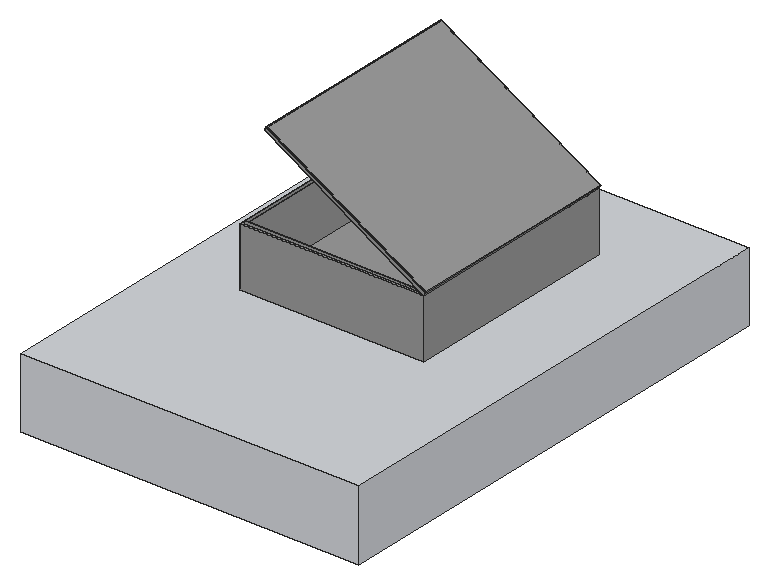
Revit family "Hager-Univers-IP55-D275-H950-Cl.II-Steel_encl-CH-fr", category Equipement électrique, Revit 2020
Family settings
  Hôte = Face
  Configuration du panneau = Deux colonnes, circuits au sein
  Cote de connecteur circulaire = Utiliser le diamètre
  Type d'élément = Tableau de raccordement
  Couper avec des vides une fois chargée = Non
  Partagée = Non
  Point de calcul de pièce = Non
Parameters (values of type "saillie IP55 L800 H950 P275  - FR63S")
  Width Control [instance] = if([EF000008 - largeur] > Min Width, [EF000008 - largeur], Min Width)  # 800 mm
  Commentaires du type = [HG000003 - Gamme]  # "Univers"
  Thickness Door [instance] = if([EF009171 - épaisseur de matériau de la porte/du couvercle] > 3 mm, 3 mm, [EF009171 - épaisseur de matériau de la porte/du couvercle])  # 1.5 mm
  Seal Frame Offset [instance] = 17 mm  # constant formula
  Plinth Visibility [instance] = [HG000027 - Hauteur du socle] > 0 mm  # no
  Model = ""
  Min Width [instance] = 100 mm  # constant formula
  Min Height [instance] = 100 mm  # constant formula
  Min Depth [instance] = (2 * [EF009170 - épaisseur de matériau du boîtier]) + 1 mm  # 4 mm
  Internal Frame Depth [instance] = (Door System Depth * 0.5)  # 9 mm
  Height Control [instance] = if([EF000040 - hauteur] > Min Height, [EF000040 - hauteur], Min Height)  # 950 mm
  HG000027 - Hauteur du socle = 0 mm
  HG000026 - Installation au sol = no
  HG000024 - Hauteur de la section basse = 800 mm
  HG000023 - Armoire double section = no
  HG000016 - Visibilité de la porte 3D [instance] = yes
  HG000015 - Visibilité de l'emprise de la porte [instance] = no
  HG000014 - Porte à droite [instance] = yes
  HG000013 - Porte à gauche [instance] = not([HG000014 - Porte à droite])  # no
  HG000012 - Angle de pivotement de la porte [instance] = 30.00°
  HG000010 - Portes asymétriques = no
  HG000009 - Porte à double battant = no
  HG000006 - Encastré = no
  HG000004 - Référence fabricant = "FR63S"
  HG000003 - Gamme = "Univers"
  HG000002 - avec porte = yes
  Frame Offset Bottom [instance] = 10 mm  # constant formula
  Frame Offset [instance] = 15 mm  # constant formula
  EF015940 - couvercle avec décharge de pression = no
  EF011959 - degré de protection (NEMA) = ""
  EF009554 - nombre d'ouvertures pour plaques à bride = 6
  Fabricant = "Hager"  # constant formula
  EF009212 - finition du couvercle = "EV000116 - fermé"
  EF009171 - épaisseur de matériau de la porte/du couvercle = 1.5 mm
  EF009170 - épaisseur de matériau du boîtier = 1.5 mm
  EF008873 - courant nominal (In) = 800 A
  EF007800 - adapté à un parafoudre = no
  EF006306 - avec serrure = no
  EF006244 - couvercle/porte transparent(e) = no
  EF005474 - indice de protection (IP) = "EV006420 - IP55"
  EF004464 - type de porte = "EV002646 - unique"
  EF004427 - nombre de modules = 216
  EF004293 - indice de protection contre les chocs (IK) = "EV008784 - IK10"
  EF003532 - convient pour utilisation à l’extérieur = no
  EF002950 - largeur en nombre de modules = 24
  EF001613 - maintien de fonction = "EV000494 - sans"
  EF001596 - matériau du boîtier/corps = "EV000179 - acier"
  EF001131 - profondeur intérieure = 275 mm
  EF001088 - possibilité de montage en saillie = yes
  EF000437 - nombre d'entrées de conduit = 6
  EF000339 - type de capot = "EV004216 - porte"
  EF000266 - nombre de rangées = 6
  EF000218 - profondeur d'encastrement = 0 mm
  EF000118 - avec cadre/support de montage = no
  EF000116 - numéro RAL = "7035"
  EF000049 - profondeur = 275 mm
  EF000040 - hauteur = 950 mm
  EF000008 - largeur = 800 mm
  EF000007 - couleur = "EV000270 - gris"
  EF000003 - mode de pose = "EV000384 - saillie"
  Door System Leaf Tolerance [instance] = 1.5 mm  # constant formula
  Door System Depth [instance] = 18 mm  # constant formula
  Door Height [instance] = Height Control - [HG000027 - Hauteur du socle]  # 950 mm
  Depth Control [instance] = if([EF000049 - profondeur] > Min Depth, [EF000049 - profondeur], Min Depth)  # 275 mm
  Default Elevation = 0 mm
  Connector Offset [instance] = Height Control / 2  # 475 mm
  Bottom Top Plate Trim [instance] = 1.5 mm  # constant formula
  Plinth height Ctrl [instance] = if([HG000027 - Hauteur du socle] > 0 mm, [HG000027 - Hauteur du socle], 12 mm)  # 12 mm
Types (5, lengths in mm): name | Width Control | HG000010 - Portes asymétriques | HG000009 - Porte à double battant | HG000004 - Référence fabricant | EF009554 - nombre d'ouvertures pour plaques à bride | EF004464 - type de porte | EF004427 - nombre de modules | EF000437 - nombre d'entrées de conduit | EF000008 - largeur
  saillie IP55 L1050 H950 P275  - FR64S | 1050 | no | yes | "FR64S" | 8 | "EV003602 - double" | 288 | 8 | 1050
  saillie IP55 L1300 H950 P275  - FR65S | 1300 | yes | yes | "FR65S" | 10 | "EV003602 - double" | 360 | 10 | 1300
  saillie IP55 L300 H950 P275  - FR61S | 300 | no | no | "FR61S" | 2 | "EV002646 - unique" | 72 | 2 | 300
  saillie IP55 L550 H950 P275  - FR62S | 550 | no | no | "FR62S" | 4 | "EV002646 - unique" | 144 | 4 | 550
  saillie IP55 L800 H950 P275  - FR63S | 800 | no | no | "FR63S" | 6 | "EV002646 - unique" | 216 | 6 | 800
Reference planes
  plane 1 "Center (Front/Back)": y = 0
  plane 2: z = 0
  plane 3 "Center (Left/Right)": x = 0
  plane 4: z = 275
  plane 5: y = 1.5
  plane 6: y = 475
  plane 7: y = 0
  plane 8: y = 950
  plane 9: z = 0
  plane 10: x = -385
  plane 11: x = 385
  plane 12: x = 383.5
  plane 13: x = -383.5
  plane 14: y = 948.5
  plane 15: x = -383
  plane 16: x = -400
  plane 17: x = 383
  plane 18: x = 400
  plane 19: x = 398.5
  plane 20: x = -398.5
  plane 21: y = 11.5
  plane 22: y = 950
  plane 23: y = 933.5
  plane 24: z = 257
  plane 25: z = 1.5
  plane 26: z = 255.5
  plane 27: z = 273.5
Forms (mm)
  Extrusion 1, solid
    sketch origin (0, 0, 0) x (1, 0, 0) y (0, 1, 0)
      loop
        line (-702.964, 1305) -> (-702.964, -811.445) -> (766.763, -811.445) -> (766.763, 1305) -> (-702.964, 1305)
    from 0 to -304.8
  Extrusion 2, solid, material "Hager_Steel_RAL7035_Light_Grey", visible <- "Plinth Visibility", detail levels medium+fine
    sketch origin (0, 0, 0) x (1, 0, 0) y (0, 1, 0)
      loop
        line (-400, 0) -> (400, 0) -> (400, 12) -> (-400, 12) -> (-400, 0)
    from 0 to 257
  Extrusion 3, solid, material "Hager_Steel_RAL7035_Light_Grey", detail levels medium+fine
    sketch origin (0, 0, 0) x (1, 0, 0) y (0, 1, 0)
      loop
        line (-400, 0) -> (400, 0) -> (400, 950) -> (-400, 950) -> (-400, 0)
    from 0 to 257
  Extrusion 4, void
    sketch origin (0, 0, 0) x (1, 0, 0) y (0, 1, 0)
      loop
        line (-398.5, 1.5) -> (398.5, 1.5) -> (398.5, 948.5) -> (-398.5, 948.5) -> (-398.5, 1.5)
    from 1.5 to 255.5
  Extrusion 5, void
    sketch origin (-381.607, -4572, 257) x (0, -1, 0) y (-1, 0, 0)
      loop
        line (-4583.5, 1.893) -> (-5505.5, 1.893) -> (-5505.5, -765.107) -> (-4583.5, -765.107) -> (-4583.5, 1.893)
    from 0 to 1.5 <- "EF009170 - épaisseur de matériau du boîtier"
  Extrusion 6, solid, material "Hager_Steel_RAL7035_Light_Grey", detail levels fine
    sketch origin (0, 0, 257) x (1, 0, 0) y (0, 1, 0)
      loop
        line (-383.5, 933.5) -> (-383.5, 11.5) -> (383.5, 11.5) -> (383.5, 933.5) -> (-383.5, 933.5)
      loop
        line (-385, 10) -> (385, 10) -> (385, 935) -> (-385, 935) -> (-385, 10)
    from 0 to 9 <- "Internal Frame Depth"
  Extrusion 7, solid, material "Hager_Steel_RAL7035_Light_Grey", detail levels coarse
    sketch origin (0, 0, 0) x (1, 0, 0) y (0, 1, 0)
      loop
        line (-400, 0) -> (400, 0) -> (400, 950) -> (-400, 950) -> (-400, 0)
    from 0 to 275
  Sweep 8, void
    path in 3D
      loop
        line (-400, 12, 0) -> (400, 12, 0) -> (400, 12, 257) -> (-400, 12, 257) -> (-400, 12, 0)
    profile origin (-400, 12, 128.5) x (-1, 0, 0) y (0, -1, 0)
      loop
        line (0, 0) -> (0, 1.5) -> (-1.5, 1.5)
        arc (-1.5, 1.5) -> (-1.061, 0.439) -> (0, 0) r 1.5
Cuts and joins
  Extrusion 4, Extrusion 5 cuts Extrusion 3
  Sweep 8 cuts Extrusion 2
Lines and regions (mm)
  Masking region 1
    outline origin (0, 0, 0) x (1, 0, 0) y (0, 0, 1)
      loop
        line (-400, 275) -> (-400, 0) -> (400, 0) -> (400, 275) -> (-400, 275)
  Masking region 2, detail levels medium+fine
    outline origin (0, 140, 0) x (0, 1, 0) y (0, 0, 1)
      loop
        line (-140, 0) -> (810, 0) -> (810, 257) -> (-140, 257) -> (-140, 0)
  Masking region 3, not visible, detail levels medium+fine
    outline origin (0, 297.922, 0) x (0, 1, 0) y (0, 0, 1)
      loop
        line (188.578, 0) -> (228.578, 0) -> (228.578, 263.5)
        arc (228.578, 263.5) -> (225.649, 270.571) -> (218.578, 273.5) r 10
        line (218.578, 273.5) -> (188.578, 273.5) -> (188.578, 0)
  Masking region 4, detail levels coarse
    outline origin (0, 0, 180) x (0, 1, 0) y (0, 0, 1)
      loop
        line (0, -180) -> (950, -180) -> (950, 95) -> (0, 95) -> (0, -180)
  Masking region 5, visible <- "Plinth Visibility", detail levels medium+fine
    outline origin (0, 52.24, 12.345) x (0, 0, -1) y (0, 1, 0)
      loop
        line (10.845, -40.24) -> (-243.155, -40.24)
        arc (-243.155, -40.24) -> (-243.594, -41.301) -> (-244.655, -41.74) r 1.5
        line (-244.655, -41.74) -> (-244.655, -52.24) -> (12.345, -52.24) -> (12.345, -41.74)
        arc (12.345, -41.74) -> (11.285, -41.301) -> (10.845, -40.24) r 1.5
  Masking region 6, detail levels medium+fine
    outline origin (-381.607, -4572, 257) x (-1, 0, 0) y (0, -1, 0)
      loop
        line (18.393, -5522) -> (18.393, -4572) -> (-781.607, -4572) -> (-781.607, -5522) -> (18.393, -5522)
  Masking region 7, visible <- "Plinth Visibility", detail levels medium+fine
    outline origin (-381.607, -4727, 257) x (-1, 0, 0) y (0, -1, 0)
      loop
        arc (16.893, -4739) -> (17.332, -4737.939) -> (18.393, -4737.5) r 1.5
        line (18.393, -4737.5) -> (18.393, -4727) -> (-781.607, -4727) -> (-781.607, -4737.5)
        arc (-781.607, -4737.5) -> (-780.546, -4737.939) -> (-780.107, -4739) r 1.5
        line (-780.107, -4739) -> (16.893, -4739)
  Masking region 8, detail levels coarse
    outline origin (-442.548, -4669.526, 257) x (-1, 0, 0) y (0, -1, 0)
      loop
        line (-42.548, -5619.526) -> (-42.548, -4669.526) -> (-842.548, -4669.526) -> (-842.548, -5619.526) -> (-42.548, -5619.526)
  sketch lines
    curve 1: line (-400, 12, 257) -> (-400, 12, 0)
    curve 2: line (400, 12, 257) -> (-400, 12, 257)
    curve 3: line (400, 12, 257) -> (400, 12, 0)
    curve 4: line (-400, 12, 0) -> (400, 12, 0)
Dimensions and locks
  "Depth Control": plane 4 to Extrusion 1
  "HG000027 - Hauteur du socle": plane 1 "Center (Front/Back)" to plane 7
  "EF009170 - épaisseur de matériau du boîtier": plane 5 to plane 7
  locked: connector elem to plane 3 "Center (Left/Right)"
  equal spacing: plane 8, plane 6, plane 7
  locked: connector elem to plane 6
  "EF009170 - épaisseur de matériau du boîtier": plane 8 to plane 14
  "EF009170 - épaisseur de matériau du boîtier": plane 10 to plane 13
  "EF009170 - épaisseur de matériau du boîtier": plane 12 to plane 11
  "Frame Offset": plane 20 to plane 13
  "Frame Offset": plane 12 to plane 19
  "EF009170 - épaisseur de matériau du boîtier": plane 16 to plane 20
  "EF009170 - épaisseur de matériau du boîtier": plane 19 to plane 18
  "Seal Frame Offset": plane 16 to plane 15
  "Seal Frame Offset": plane 17 to plane 18
  "Frame Offset Bottom": plane 21 to plane 5
  "Frame Offset": plane 14 to plane 23
  equal spacing: plane 16, plane 3 "Center (Left/Right)", plane 18
  "Width Control": plane 16 to plane 18
  "EF009170 - épaisseur de matériau du boîtier": plane 4 to plane 27
  "EF009170 - épaisseur de matériau du boîtier": plane 24 to plane 26
  "EF009170 - épaisseur de matériau du boîtier": plane 25 to level
  "Door System Depth": plane 4 to plane 24
  "Height Control": plane 1 "Center (Front/Back)" to Extrusion 7 sketch curve
  "Height Control": Masking region 4 sketch curve to plane 1 "Center (Front/Back)"
  "Height Control": plane 1 "Center (Front/Back)" to plane 22
  "Bottom Top Plate Trim": profile plane to Sweep 8 sketch curve
  "Bottom Top Plate Trim": Sweep 8 sketch curve to profile plane
  "Plinth height Ctrl": plane 1 "Center (Front/Back)" to Extrusion 2 sketch curve
  "Plinth height Ctrl": Masking region 5 sketch curve to plane 1 "Center (Front/Back)"
  "Plinth height Ctrl": plane 1 "Center (Front/Back)" to Masking region 7 sketch curve
  "Thickness Door": Extrusion 6 sketch curve to Extrusion 6 sketch curve  (x3)
  "Thickness Door": cut or joined group of Extrusion 3, Extrusion 4, Extrusion 5 to Extrusion 6 sketch curve
  radius of Masking region 3 sketch curve = 10 mm
  "Bottom Top Plate Trim": radius of Masking region 5 sketch curve  (x2)
  "Bottom Top Plate Trim": radius of Sweep 8 sketch curve
  "Bottom Top Plate Trim": radius of Masking region 7 sketch curve  (x2)
  aligned and locked: plane 2 to Extrusion 1
  aligned and locked: level to Extrusion 1
  aligned and locked: level to Masking region 1 sketch curve
  aligned and locked: Masking region 1 sketch curve to plane 18
  aligned and locked: Masking region 1 sketch curve to plane 16
  aligned and locked: plane 7 to Masking region 2 sketch curve
  aligned and locked: level to Masking region 3 sketch curve
  aligned and locked: Masking region 3 sketch curve to plane 27
  aligned and locked: level to Masking region 2 sketch curve
  aligned and locked: plane 1 "Center (Front/Back)" to Extrusion 2 sketch curve
  aligned and locked: Extrusion 3 sketch curve to plane 7
  aligned and locked: plane 16 to Extrusion 3 sketch curve
  aligned and locked: plane 18 to Extrusion 3 sketch curve
  aligned and locked: plane 20 to Extrusion 4 sketch curve
  aligned and locked: plane 19 to Extrusion 4 sketch curve
  aligned and locked: Extrusion 4 sketch curve to plane 5
  aligned and locked: Extrusion 4 to plane 25
  aligned and locked: plane 26 to Extrusion 4
  aligned and locked: plane 24 to Extrusion 3
  aligned and locked: Extrusion 5 sketch curve to plane 21
  aligned and locked: Extrusion 5 sketch curve to plane 13
  aligned and locked: Extrusion 5 sketch curve to plane 12
  aligned and locked: plane 18 to Extrusion 7 sketch curve
  aligned and locked: plane 1 "Center (Front/Back)" to Extrusion 7 sketch curve
  aligned and locked: plane 16 to Extrusion 7 sketch curve
  aligned and locked: plane 4 to Extrusion 7
  aligned and locked: Extrusion 7 to level
  aligned and locked: level to Masking region 4 sketch curve
  aligned and locked: Masking region 4 sketch curve to plane 1 "Center (Front/Back)"
  aligned and locked: Masking region 4 sketch curve to plane 4
  aligned and locked: nested 1 to level
  aligned and locked: nested 1 to plane 16
  aligned and locked: plane 8 to Extrusion 3 sketch curve
  aligned and locked: plane 23 to Extrusion 5 sketch curve
  aligned and locked: plane 14 to Extrusion 4 sketch curve
  aligned and locked: Masking region 2 sketch curve to plane 8
  aligned and locked: level to Masking region 5 sketch curve
  aligned and locked: plane 16 to Extrusion 2 sketch curve
  aligned and locked: plane 18 to Extrusion 2 sketch curve
  aligned and locked: Masking region 5 sketch curve to plane 24
  aligned and locked: Masking region 2 sketch curve to plane 24
  aligned and locked: plane 24 to Extrusion 2
  aligned and locked: profile plane to Sweep 8 sketch curve  (x2)
  aligned and locked: Masking region 6 sketch curve to plane 18
  aligned and locked: Masking region 6 sketch curve to plane 22
  aligned and locked: Masking region 6 sketch curve to plane 16
  aligned and locked: plane 8 to plane 22
  aligned and locked: Masking region 6 sketch curve to plane 7
  aligned and locked: Masking region 7 sketch curve to plane 16
  aligned and locked: Masking region 7 sketch curve to plane 1 "Center (Front/Back)"
  aligned and locked: Masking region 7 sketch curve to plane 18
  aligned and locked: Masking region 8 sketch curve to plane 1 "Center (Front/Back)"
  aligned and locked: Masking region 8 sketch curve to plane 18
  aligned and locked: Masking region 8 sketch curve to plane 22
  aligned and locked: Masking region 8 sketch curve to plane 16
  aligned and locked: nested 2 to plane 7
  aligned and locked: plane 3 "Center (Left/Right)" to nested 2
  aligned and locked: nested 2 to plane 24
  aligned and locked: Extrusion 6 sketch curve to cut or joined group of Extrusion 3, Extrusion 4, Extrusion 5  (x4)
Automatic sketch dimensions
  Extrusion 1 sketch curve to Extrusion 1 sketch curve = 1469.727 mm
  Extrusion 1 sketch curve to Extrusion 1 sketch curve = 2116.445 mm
  Masking region 1 sketch curve to plane 4 = 0 mm
  plane 6 to Masking region 3 sketch curve = 11.5 mm
  Masking region 3 sketch curve to Masking region 3 sketch curve = 30 mm
  Masking region 5 sketch curve to plane 1 "Center (Front/Back)" = 0 mm
Nested families
  nested 1: "Hager_Enclosure_Symbol" at (-400, 0, 0) x (1, 0, 0) z (0, -1, 0), Height <- "Depth Control", Width <- "Width Control", type "Hager_Enclosure_Symbol"
    with Width_Ctrl 800 mm, Width 800 mm, Height_Ctrl 275 mm, Height 275 mm, A_Width_Int 18.047 mm, A_Width 216.562 mm, A_Height_Ctrl 240.625 mm, A_Height 240.625 mm
  nested 2: "EC000058_Univers_Door" at (0, 0, 257) x (1, 0, 0) z (0, 1, 0), Leaf_Tolerance <- "Door System Leaf Tolerance", Angle <- "HG000012 - Angle de pivotement de la porte", Door_Depth <- "Door System Depth", Door_Left <- "HG000013 - Porte à gauche", Transparent <- "EF006244 - couvercle/porte transparent(e)", Assymetrical <- "HG000010 - Portes asymétriques", Width <- "Width Control", Clearance <- "HG000015 - Visibilité de l'emprise de la porte", Double <- "HG000009 - Porte à double battant", 3d_Door <- "HG000016 - Visibilité de la porte 3D", Lock_Visibility <- "EF006306 - avec serrure", Width_Ctrl <- "Width Control", Door_Right <- "HG000014 - Porte à droite", Door <- "HG000002 - avec porte", Height <- "Door Height", Thickness <- "Thickness Door", type "EC000058_Univers_Door", detail levels medium+fine
    with min_wh 4 mm, Width_Ctrl 800 mm, Width 800 mm, Transparent no, Thickness 1.5 mm, Seal_Material Hager_Rubber, Lock_Visibility no, Lock_Material Hager_Plastic_RAL9005_Jet_Black, Leaf_Width 800 mm, Leaf_Tolerance_External_Sides 0 mm, Leaf_Tolerance 1.5 mm, Leaf_Offset 0 mm, Leaf_Height 947 mm, Leaf_2_Width 800 mm, Leaf_2_Offset 400 mm, Leaf_1_Width 800 mm, Leaf_1_Offset 400 mm, Height_Ctrl 950 mm, Height 950 mm, Glass_Material Hager_Glass, Double_Clearance_Ctrl no, Double no, Door_Right_Ctrl yes, Door_Right yes, Door_Material Hager_Steel_RAL7035_Light_Grey, Door_Left_Ctrl no, Door_Left no, Door_Depth 18 mm, Door yes, Clearance_Material Hager_Clearance, Clearance_Depth 800 mm, Clearance_Ctrl no, Clearance no, Assymetrical no, Angle 30.00°, 3d_Door yes
Connectors
  electrical at (0, 475, 0)
    settings: on plane 9, index 1, voltage 0 V, apparent load 0 VA, apparent load phase1 0 VA, apparent load phase2 0 VA, apparent load phase3 0 VA, power factor 1, load classification "Other", number of poles 1, system type 30, power factor state 1, is connector primary yes, connector utility no, sub classification motor no, connector description ""
Definition of nested family "EC000058_Univers_Door"
  Parameters (values of type "EC000058_Univers_Door")
    min_wh [instance] = (2 * Thickness) + 1 mm  # 11 mm
    Width_Ctrl [instance] = 400 mm
    Width [instance] = 500 mm
    Transparent [instance] = yes
    Thickness [instance] = 5 mm
    Seal_Material [instance] = none
    Lock_Visibility [instance] = yes
    Lock_Material [instance] = none
    Leaf_Width [instance] = if((Width_Ctrl - 2 * Leaf_Tolerance_External_Sides) > 0 mm, (Width_Ctrl - 2 * Leaf_Tolerance_External_Sides), min_wh)  # 400 mm
    Leaf_Tolerance_External_Sides [instance] = 0 mm  # constant formula
    Leaf_Tolerance [instance] = 1.5 mm
    Leaf_Offset [instance] = 0 mm  # constant formula
    Leaf_Height [instance] = if((Height_Ctrl - 2 * Leaf_Tolerance) > 0 mm, (Height_Ctrl - 2 * Leaf_Tolerance), min_wh)  # 497 mm
    Leaf_2_Width [instance] = if(and(and(Double, Assymetrical), Door_Left), (Leaf_Width / 3) - (Leaf_Tolerance / 2), if(and(and(Double, Assymetrical), Door_Right), (Leaf_Width / 3) * 2 - (Leaf_Tolerance / 2), if(and(Double, not(Assymetrical)), (Leaf_Width / 2) - Leaf_Tolerance, Leaf_Width)))  # 400 mm
    Leaf_2_Offset [instance] = if(and(Double, Assymetrical), Leaf_2_Width / 2, if(and(Double, not(Assymetrical)), Leaf_Width / 4, Leaf_Width / 2))  # 200 mm
    Leaf_1_Width [instance] = if(and(and(Double, Assymetrical), Door_Right), (Leaf_Width / 3) - (Leaf_Tolerance / 2), if(and(and(Double, Assymetrical), Door_Left), (Width / 3) * 2 - (Leaf_Tolerance / 2), if(and(Double, not(Assymetrical)), (Leaf_Width / 2) - Leaf_Tolerance, Leaf_Width)))  # 400 mm
    Leaf_1_Offset [instance] = if(and(Double, Assymetrical), Leaf_1_Width / 2, if(and(Double, not(Assymetrical)), Leaf_Width / 4, Leaf_Width / 2))  # 200 mm
    Height_Ctrl [instance] = if(Height > min_wh, Height, min_wh)  # 500 mm
    Height [instance] = 500 mm
    Glass_Material [instance] = none
    Double_Clearance_Ctrl [instance] = and(Double, Clearance)  # no
    Double [instance] = no
    Door_Right_Ctrl [instance] = and(or(Door_Right, Double), Door)  # yes
    Door_Right [instance] = yes
    Door_Material [instance] = none
    Door_Left_Ctrl [instance] = and(or(Door_Left, Double), Door)  # no
    Door_Left [instance] = no
    Door_Depth [instance] = 30 mm
    Door [instance] = yes
    Default Elevation = 1219.2 mm
    Clearance_Material [instance] = none
    Clearance_Depth [instance] = if(Leaf_1_Width > Leaf_2_Width, Leaf_1_Width, Leaf_2_Width)  # 400 mm
    Clearance_Ctrl [instance] = and(not(Double), Clearance)  # yes
    Clearance [instance] = yes
    Assymetrical [instance] = yes
    Angle [instance] = 30.00°
    3d_Door [instance] = yes
  Reference planes
    plane 1 "Center (Front/Back)": y = 0
    plane 2 "Bottom": z = 0
    plane 3 "Center (Left/Right)": x = 0
    plane 4: z = 500
    plane 5: x = -200
    plane 6: x = 200
    plane 7: z = 500
    plane 8: x = -200
    plane 9: z = 0
    plane 10: x = 200
    plane 11: y = 0
    plane 12: z = 1.5
    plane 13: x = -600
    plane 14: y = -400
    plane 15: x = 600
    plane 16: x = 0
    plane 17: x = 0
    plane 18: x = -200
    plane 19: x = 200
    plane 20: z = 498.5
  Forms (mm)
    Extrusion 1, solid, material <- "Clearance_Material", visible <- "Double_Clearance_Ctrl"
      sketch origin (1200, 0, 0) x (1, 0, 0) y (0, 0, -1)
        loop
          line (-1800, -498.5) -> (-600, -498.5) -> (-600, 0) -> (-1800, 0) -> (-1800, -498.5)
      from 0 to -400
  Dimensions and locks
    equal spacing: plane 5, plane 3 "Center (Left/Right)", plane 6
    "Width_Ctrl": plane 5 to plane 6
    "Leaf_Offset": plane 5 to plane 8
    "Leaf_Offset": plane 6 to plane 10
    "Leaf_Offset": plane 9 to level
    "Leaf_Offset": plane 4 to plane 7
    "Height_Ctrl": plane 4 to level
    "Leaf_Tolerance": plane 12 to plane 9
    locked: plane 11 to plane 1 "Center (Front/Back)"
    "Leaf_1_Offset": plane 18 to plane 16
    "Leaf_2_Offset": plane 17 to plane 19
    "Leaf_1_Width": plane 13 to plane 8
    "Leaf_2_Width": plane 10 to plane 15
    "Clearance_Depth": plane 14 to plane 1 "Center (Front/Back)"
    "Leaf_Tolerance_External_Sides": plane 8 to plane 18
    "Leaf_Tolerance_External_Sides": plane 19 to plane 10
    "Leaf_Tolerance": plane 7 to plane 20
    aligned and locked: level to plane 2 "Bottom"
    aligned and locked: nested 1 to plane 16
    aligned and locked: nested 2 to plane 17
    aligned and locked: Extrusion 1 to plane 13
    aligned and locked: plane 15 to Extrusion 1
    aligned and locked: Extrusion 1 to plane 14
    aligned and locked: plane 12 to nested 1
    aligned and locked: nested 2 to plane 12
    aligned and locked: Extrusion 1 to plane 11
    aligned and locked: plane 20 to Extrusion 1
    aligned and locked: nested 2 to plane 11
    aligned and locked: nested 1 to plane 11
  Automatic sketch dimensions
    Extrusion 1 sketch curve to level = 0 mm
    plane 5 to Extrusion 1 sketch curve = 400 mm
    plane 6 to Extrusion 1 sketch curve = 400 mm
    Extrusion 1 sketch curve to plane 4 = 1.5 mm
  Nested families
    nested 1: "EC000058_Univers_Door_Leaf" at (0, 0, 1.5), Width <- "Leaf_1_Width", visible <- "Door_Left_Ctrl", Leaf_Height <- "Leaf_Height", Angle <- "Angle", 3d_Door <- "3d_Door", Transparent <- "Transparent", Clearance Material <- "Clearance_Material", Clearance <- "Clearance_Ctrl", Door_Material <- "Door_Material", Glass_Material <- "Glass_Material", Door_Depth <- "Door_Depth", Lock_Material <- "Lock_Material", Seal_Material <- "Seal_Material", Lock_Visibility <- "Lock_Visibility", Thickness <- "Thickness", type "EC000058_Univers_Door_Leaf"
      with Width 400 mm, Transparent_Glass_Offset 30 mm, Transparent_Ctrl yes, Transparent yes, Thickness 5 mm, Standard no, Seal_Material none, Seal_D2 8 mm, Seal_D1 1 mm, Offset_Internal_Frame 10 mm, Lock_Width 20 mm, Lock_Visibility_3d yes, Lock_Visibility yes, Lock_Thickness_3 3 mm, Lock_Thickness_2 1 mm, Lock_Thickness_1 3 mm, Lock_Radius_Offset_2 16 mm, Lock_Radius_Offset_1 15 mm, Lock_Radius_2 5 mm, Lock_Radius 6 mm, Lock_Offset 5 mm, Lock_Material none, Lock_Height 80 mm, Lock_Cover_Top_Offset_2d 17 mm, Lock_Cover_Height -65 mm, Leaf_Height 497 mm, Internal_Seal_Thickness 8 mm, Internal_Seal_Depth_2 4.5 mm, Internal_Frame_Depth 25 mm, Glass_Thickness -1 mm, Glass_Offset -2 mm, Glass_Material none, Door_Material none, Door_Depth 30 mm, Clearance Material none, Clearance yes, Angle_Ctrl 30.00°, Angle 30.00°, 3d_Door yes
    nested 2: "EC000058_Univers_Door_Leaf" at (0, 0, 1.5) x (-1, 0, 0) z (0, 0, 1), Width <- "Leaf_2_Width", visible <- "Door_Right_Ctrl", Leaf_Height <- "Leaf_Height", Angle <- "Angle", 3d_Door <- "3d_Door", Transparent <- "Transparent", Clearance Material <- "Clearance_Material", Clearance <- "Clearance_Ctrl", Door_Material <- "Door_Material", Glass_Material <- "Glass_Material", Door_Depth <- "Door_Depth", Lock_Material <- "Lock_Material", Seal_Material <- "Seal_Material", Lock_Visibility <- "Lock_Visibility", Thickness <- "Thickness", type "EC000058_Univers_Door_Leaf"
      with Width 400 mm, Transparent_Glass_Offset 30 mm, Transparent_Ctrl yes, Transparent yes, Thickness 5 mm, Standard no, Seal_Material none, Seal_D2 8 mm, Seal_D1 1 mm, Offset_Internal_Frame 10 mm, Lock_Width 20 mm, Lock_Visibility_3d yes, Lock_Visibility yes, Lock_Thickness_3 3 mm, Lock_Thickness_2 1 mm, Lock_Thickness_1 3 mm, Lock_Radius_Offset_2 16 mm, Lock_Radius_Offset_1 15 mm, Lock_Radius_2 5 mm, Lock_Radius 6 mm, Lock_Offset 5 mm, Lock_Material none, Lock_Height 80 mm, Lock_Cover_Top_Offset_2d 17 mm, Lock_Cover_Height -65 mm, Leaf_Height 497 mm, Internal_Seal_Thickness 8 mm, Internal_Seal_Depth_2 4.5 mm, Internal_Frame_Depth 25 mm, Glass_Thickness -1 mm, Glass_Offset -2 mm, Glass_Material none, Door_Material none, Door_Depth 30 mm, Clearance Material none, Clearance yes, Angle_Ctrl 30.00°, Angle 30.00°, 3d_Door yes
  Definition of nested family "EC000058_Univers_Door_Leaf"
    Parameters (values of type "EC000058_Univers_Door_Leaf")
      Width [instance] = 2000 mm
      Transparent_Glass_Offset [instance] = 30 mm
      Transparent_Ctrl [instance] = and(Transparent, [3d_Door])  # yes
      Transparent [instance] = yes
      Thickness [instance] = 5 mm
      Standard [instance] = and(not(Transparent), [3d_Door])  # no
      Seal_Material [instance] = none
      Seal_D2 [instance] = 8 mm  # constant formula
      Seal_D1 [instance] = 1 mm  # constant formula
      Offset_Internal_Frame [instance] = 10 mm  # constant formula
      Lock_Width [instance] = 20 mm  # constant formula
      Lock_Visibility_3d [instance] = and(Lock_Visibility, [3d_Door])  # yes
      Lock_Visibility [instance] = yes
      Lock_Thickness_3 [instance] = 3 mm  # constant formula
      Lock_Thickness_2 [instance] = 1 mm  # constant formula
      Lock_Thickness_1 [instance] = 3 mm  # constant formula
      Lock_Radius_Offset_2 [instance] = Lock_Radius_Offset_1 + 1 mm  # 16 mm
      Lock_Radius_Offset_1 [instance] = 15 mm  # constant formula
      Lock_Radius_2 [instance] = Lock_Radius - 1 mm  # 5 mm
      Lock_Radius [instance] = 6 mm  # constant formula
      Lock_Offset [instance] = 5 mm  # constant formula
      Lock_Material [instance] = none
      Lock_Height [instance] = 80 mm  # constant formula
      Lock_Cover_Top_Offset_2d [instance] = Lock_Radius_Offset_2 + 1 mm  # 17 mm
      Lock_Cover_Height [instance] = -(Lock_Height - Lock_Radius_Offset_1)  # -65 mm
      Leaf_Height [instance] = 2720.336 mm
      Internal_Seal_Thickness [instance] = 8 mm  # constant formula
      Internal_Seal_Depth_2 [instance] = 4.5 mm  # constant formula
      Internal_Frame_Depth [instance] = if(Door_Depth - Thickness > 5 mm, Door_Depth - Thickness, 5 mm)  # 25 mm
      Glass_Thickness [instance] = if(Thickness > 15 mm, Glass_Offset + 10 mm, -1 mm)  # -1 mm
      Glass_Offset [instance] = if(Thickness > 15 mm, -(Thickness + 10 mm) / 2, -2 mm)  # -2 mm
      Glass_Material [instance] = none
      Door_Material [instance] = none
      Door_Depth [instance] = 30 mm
      Default Elevation = 0 mm
      Clearance Material [instance] = none
      Clearance [instance] = yes
      Angle_Ctrl [instance] = if(Angle > 180.00°, 180.00°, Angle)  # 90.00°
      Angle [instance] = 90.00°
      3d_Door [instance] = yes
    Reference planes
      plane 1 "Center (Front/Back)": y = 0
      plane 2: z = 0
      plane 3 "Center (Left/Right)": x = 0
      plane 4: y = 2000
      plane 5: x = -1000
      plane 6: x = 1000
      plane 7: x = -3000
      plane 8: z = 2720.336
      plane 9: z = 30
      plane 10: z = 2690.336
      plane 11: x = 970
      plane 12: x = -970
      plane 13: y = -3
      plane 14: z = 107.833
      plane 15: y = -5
      plane 16: y = -223.314
      plane 17: x = -1000
      plane 18: z = 1360.168
      plane 19: y = 30
    Forms (mm)
      Extrusion 1, solid, material <- "Clearance Material", visible <- "Clearance"
        sketch origin (0, 0, 0) x (1, 0, 0) y (0, 0, 1)
          loop
            line (-3000, 2720.336) -> (-3000, 0) -> (1000, 0) -> (1000, 2720.336) -> (-3000, 2720.336)
        from 0 to -2000
      Extrusion 2, solid, material <- "Door_Material", visible <- "Standard", detail levels medium+fine
        sketch origin (-1000, 0, 0) x (0, 1, 0) y (-1, 0, 0)
          loop
            line (0, 30) -> (0, 25) -> (2000, 25) -> (2000, 30) -> (0, 30)
        from 0 to 2720.336 <- "Leaf_Height"
      Extrusion 3, solid, material <- "Door_Material", visible <- "Transparent_Ctrl", detail levels medium+fine
        sketch origin (-1000, 0, 0) x (0, 1, 0) y (-1, 0, 0)
          loop
            line (0, 25) -> (2000, 25) -> (2000, 30) -> (0, 30) -> (0, 25)
        from 0 to 2720.336 <- "Leaf_Height"
      Extrusion 4, void
        sketch origin (-1025, 2000, 0) x (0, 1, 0) y (0, 0, -1)
          loop
            line (-30, -2690.336) -> (-30, -30) -> (-1970, -30) -> (-1970, -2690.336) -> (-30, -2690.336)
        from 0 to 5 <- "Thickness"
      Sweep 5, solid, material <- "Seal_Material", visible <- "Transparent_Ctrl", detail levels fine
        path in 3D
          loop
            line (-1025, 30, 30) -> (-1025, 30, 2690.336) -> (-1025, 1970, 2690.336) -> (-1025, 1970, 30) -> (-1025, 30, 30)
        profile origin (-1025, 1000, 30) x (1, 0, 0) y (0, 0, 1)
          loop
            line (0, 0) -> (0, -8) -> (1, -8) -> (1, 0) -> (0, 0)
      Extrusion 6, solid, material <- "Glass_Material", visible <- "Transparent_Ctrl", detail levels medium+fine
        sketch origin (-1030, 0, 0) x (0, 1, 0) y (0, 0, -1)
          loop
            line (1970, -2690.336) -> (1970, -30) -> (30, -30) -> (30, -2690.336) -> (1970, -2690.336)
        from -2 <- "Glass_Offset" to -1 <- "Glass_Thickness"
      Extrusion 7, solid, material <- "Door_Material", visible <- "3d_Door", detail levels medium+fine
        sketch origin (-1025, 2000, 0) x (0, -1, 0) y (0, 0, -1)
          loop
            line (0, -2720.336) -> (2000, -2720.336) -> (2000, 0) -> (0, 0) -> (0, -2720.336)
          loop
            line (1995, -5) -> (5, -5) -> (5, -2715.336) -> (1995, -2715.336) -> (1995, -5)
        from 0 to 25 <- "Internal_Frame_Depth"
      Sweep 8, solid, material <- "Seal_Material", visible <- "Transparent_Ctrl", detail levels fine
        path in 3D
          loop
            line (-1025, 0, 0) -> (-1025, 2000, 0) -> (-1025, 2000, 2720.336) -> (-1025, 0, 2720.336) -> (-1025, 0, 0)
        profile origin (-1025, 0, 1360.168) x (1, 0, 0) y (0, 1, 0)
          loop
            line (0, 10) -> (2.975, 10)
            arc (2.975, 10) -> (4.053, 10.447) -> (4.5, 11.525) r 1.525
            line (4.5, 11.525) -> (4.5, 16.527)
            arc (4.5, 16.527) -> (4.069, 17.569) -> (3.027, 18) r 1.473
            line (3.027, 18) -> (0, 18) -> (0, 10)
      Extrusion 9, solid, material <- "Lock_Material", visible <- "Lock_Visibility_3d", detail levels fine
        sketch origin (-1030, 0, 0) x (0, 1, 0) y (0, 0, -1)
          loop
            arc (1993.5, -1400.168) -> (1994.561, -1399.729) -> (1995, -1398.668) r 1.5
            line (1995, -1398.668) -> (1995, -1320.168) -> (1975, -1320.168) -> (1975, -1398.668)
            arc (1975, -1398.668) -> (1975.439, -1399.729) -> (1976.5, -1400.168) r 1.5
            line (1976.5, -1400.168) -> (1993.5, -1400.168)
        from 3 <- "Lock_Thickness_1" to 0
      Blend 10, solid, material <- "Lock_Material", visible <- "Lock_Visibility_3d", detail levels fine
        base sketch origin (-1033, 0, 0) x (0, 1, 0) y (0, 0, -1)
          loop
            line (1975, -1320.168) -> (1975, -1398.668)
            arc (1975, -1398.668) -> (1975.439, -1399.729) -> (1976.5, -1400.168) r 1.5
            line (1976.5, -1400.168) -> (1993.5, -1400.168)
            arc (1993.5, -1400.168) -> (1994.561, -1399.729) -> (1995, -1398.668) r 1.5
            line (1995, -1398.668) -> (1995, -1320.168) -> (1975, -1320.168)
        top sketch origin (-1033, 0, 0) x (0, 1, 0) y (0, 0, -1)
          loop
            line (1976, -1320.168) -> (1976, -1398.668)
            arc (1976, -1398.668) -> (1976.146, -1399.022) -> (1976.5, -1399.168) r 0.5
            line (1976.5, -1399.168) -> (1993.5, -1399.168)
            arc (1993.5, -1399.168) -> (1993.854, -1399.022) -> (1994, -1398.668) r 0.5
            line (1994, -1398.668) -> (1994, -1320.168) -> (1976, -1320.168)
        from 0 to 1 <- "Lock_Thickness_2"
      Blend 11, solid, material <- "Lock_Material", visible <- "Lock_Visibility_3d", detail levels fine
        base sketch origin (-1034, 0, 0) x (0, 1, 0) y (0, 0, -1)
          loop
            line (1978, -1320.168) -> (1978, -1384.168)
            arc (1978, -1384.168) -> (1985, -1391.168) -> (1992, -1384.168) r 7
            line (1992, -1384.168) -> (1992, -1320.168) -> (1978, -1320.168)
        top sketch origin (-1034, 0, 0) x (0, 1, 0) y (0, 0, -1)
          loop
            line (1991, -1320.168) -> (1979, -1320.168) -> (1979, -1383.168)
            arc (1979, -1383.168) -> (1985, -1389.168) -> (1991, -1383.168) r 6
            line (1991, -1383.168) -> (1991, -1320.168)
        from 0 to 3 <- "Lock_Thickness_3"
      Extrusion 12, solid, material <- "Lock_Material", visible <- "Lock_Visibility_3d", detail levels fine
        sketch origin (-1030, 1975, 1320.168) x (1, 0, 0) y (0, -1, 0)
          loop
            line (-7, -19) -> (-7, -1) -> (0, -1) -> (0, 0) -> (-8, 0) -> (-8, -20) -> (0, -20) -> (0, -19) -> (-7, -19)
        from 0 to -65 <- "Lock_Cover_Height"
      Extrusion 13, void
        sketch origin (-1038, 1995, 1320.168) x (-1, 0, 0) y (0, 0, -1)
          loop
            line (-5, -65) -> (0, -65) -> (-5, -60) -> (-5, -65)
        from 0 to 20 <- "Lock_Width"
      Extrusion 14, void
        sketch origin (-1038, 1975, 1320.168) x (0, -1, 0) y (0, 0, -1)
          loop
            circle (-10, -15.995) r 6
          loop
            circle (-10, -15.995) r 5
        from 0 to 2
      Extrusion 15, solid, material <- "Lock_Material", visible <- "Lock_Visibility_3d", detail levels medium
        sketch origin (-1030, 0, 0) x (0, 1, 0) y (0, 0, -1)
          loop
            arc (1993.5, -1400.168) -> (1994.561, -1399.729) -> (1995, -1398.668) r 1.5
            line (1995, -1398.668) -> (1995, -1320.168) -> (1975, -1320.168) -> (1975, -1398.668)
            arc (1975, -1398.668) -> (1975.439, -1399.729) -> (1976.5, -1400.168) r 1.5
            line (1976.5, -1400.168) -> (1993.5, -1400.168)
        from 8 to 0
    Cuts and joins
      Extrusion 4 cuts Extrusion 3
      Extrusion 13, Extrusion 14 cuts Extrusion 9
      Extrusion 14 cuts Blend 11
      Extrusion 13, Extrusion 14 cuts Extrusion 12
      joined: Extrusion 9, Blend 10, Blend 11, Extrusion 12
      Extrusion 14 cuts Extrusion 15
    Lines and regions (mm)
      Masking region 1, visible <- "Lock_Visibility", detail levels fine
        outline origin (0, 0, 0) x (0, 1, 0) y (0, 0, 1)
          loop
            line (30, 1320.168) -> (33, 1320.168) -> (33, 1400.168) -> (30, 1400.168) -> (30, 1320.168)
      Masking region 2, visible <- "Lock_Visibility", detail levels fine
        outline origin (0, 3.143, 0) x (0, 1, 0) y (0, 0, 1)
          loop
            line (29.857, 1354.168) -> (30.857, 1354.168) -> (30.857, 1366.168) -> (29.857, 1366.168) -> (29.857, 1354.168)
      Masking region 3, detail levels medium+fine
        outline origin (0, 0, 0) x (0, 1, 0) y (0, 0, 1)
          loop
            line (0, 0) -> (30, 0) -> (30, 2720.336) -> (0, 2720.336) -> (0, 0)
      Masking region 4, detail levels medium+fine
        outline origin (0, 0, 0) x (1, 0, 0) y (0, 0, 1)
          loop
            line (-1000, 2720.336) -> (-1000, 0) -> (1000, 0) -> (1000, 2720.336) -> (-1000, 2720.336)
      Masking region 5, visible <- "Lock_Visibility", detail levels fine
        outline origin (-47.116, 0, 0) x (1, 0, 0) y (0, 0, 1)
          loop
            arc (1024.616, 1399.168) -> (1023.556, 1398.729) -> (1023.116, 1397.668) r 1.5
            line (1023.116, 1397.668) -> (1023.116, 1320.168) -> (1041.116, 1320.168) -> (1041.116, 1397.668)
            arc (1041.116, 1397.668) -> (1040.677, 1398.729) -> (1039.616, 1399.168) r 1.5
            line (1039.616, 1399.168) -> (1024.616, 1399.168)
      Masking region 6, visible <- "Lock_Visibility", detail levels medium+fine
        outline origin (-25, 0, 0) x (1, 0, 0) y (0, 0, 1)
          loop
            arc (1001.5, 1400.168) -> (1000.439, 1399.729) -> (1000, 1398.668) r 1.5
            line (1000, 1398.668) -> (1000, 1320.168) -> (1020, 1320.168) -> (1020, 1398.668)
            arc (1020, 1398.668) -> (1019.561, 1399.729) -> (1018.5, 1400.168) r 1.5
            line (1018.5, 1400.168) -> (1001.5, 1400.168)
      Masking region 7, visible <- "Lock_Visibility", detail levels fine
        outline origin (-73.735, 0, 0) x (1, 0, 0) y (0, 0, 1)
          loop
            line (1051.735, 1382.168) -> (1065.735, 1382.168) -> (1065.735, 1384.168)
            arc (1065.735, 1384.168) -> (1058.735, 1391.168) -> (1051.735, 1384.168) r 7
            line (1051.735, 1384.168) -> (1051.735, 1382.168)
      Masking region 8, visible <- "Lock_Visibility", detail levels fine
        outline origin (-73.735, 0, 0) x (1, 0, 0) y (0, 0, 1)
          loop
            line (1052.735, 1382.168) -> (1064.735, 1382.168) -> (1064.735, 1383.168)
            arc (1064.735, 1383.168) -> (1058.735, 1389.168) -> (1052.735, 1383.168) r 6
            line (1052.735, 1383.168) -> (1052.735, 1382.168)
      Masking region 9, visible <- "Lock_Visibility", detail levels fine
        outline origin (-25, 0, 0) x (1, 0, 0) y (0, 0, 1)
          loop
            line (1020, 1320.168) -> (1020, 1382.168) -> (1000, 1382.168) -> (1000, 1320.168) -> (1020, 1320.168)
      Masking region 10, detail levels medium+fine
        outline origin (0, 0, 0) x (1, 0, 0) y (0, 0, 1)
          loop
            circle (985, 1335.144) r 6
      Masking region 11, detail levels fine
        outline origin (0, 0, 0) x (1, 0, 0) y (0, 0, 1)
          loop
            circle (985, 1335.144) r 5
      Masking region 12, visible <- "Lock_Visibility", detail levels fine
        outline origin (0, 12.767, 0) x (0, 1, 0) y (0, 0, 1)
          loop
            line (20.233, 1320.168) -> (21.233, 1320.168) -> (21.233, 1399.168) -> (20.233, 1400.168) -> (20.233, 1320.168)
      Masking region 13, visible <- "Lock_Visibility", detail levels fine
        outline origin (0, 13.767, -10) x (0, 1, 0) y (0, 0, 1)
          loop
            line (20.233, 1330.168) -> (23.233, 1330.168) -> (23.233, 1399.168) -> (20.233, 1402.168) -> (20.233, 1330.168)
      Masking region 14, visible <- "Lock_Visibility", detail levels fine
        outline origin (0, 12.767, -10) x (0, 1, 0) y (0, 0, 1)
          loop
            line (20.233, 1330.168) -> (25.233, 1330.168) -> (25.233, 1399.305) -> (20.233, 1394.305) -> (20.233, 1330.168)
      Masking region 15, visible <- "Lock_Visibility", detail levels medium
        outline origin (0, 0, 0) x (0, 1, 0) y (0, 0, 1)
          loop
            line (30, 1320.168) -> (38, 1320.168) -> (38, 1400.168) -> (30, 1400.168) -> (30, 1320.168)
      Masking region 16, visible <- "Lock_Visibility", detail levels fine
        outline origin (-1000, 0, 0) x (0, 1, 0) y (-1, 0, 0)
          loop
            line (1975, 30) -> (1995, 30) -> (1995, 38) -> (1975, 38) -> (1975, 30)
          loop
            line (1979, 37) -> (1976, 37) -> (1976, 34) -> (1978, 34) -> (1979, 37)
          loop
            line (1994, 37) -> (1991, 37) -> (1992, 34) -> (1994, 34) -> (1994, 37)
      Masking region 17, visible <- "Lock_Visibility", detail levels medium
        outline origin (-1000, 0, 0) x (0, 1, 0) y (-1, 0, 0)
          loop
            line (1975, 30) -> (1995, 30) -> (1995, 38) -> (1975, 38) -> (1975, 30)
      symbolic lines
        curve 1: line (1000, 0, 0) -> (-3000, 0, 0)
        curve 2: arc (1000, 0, 0) -> (-1000, 2000, 0) -> (-3000, 0, 0) r 2000
        curve 4: line (-1030, 0, 0) -> (-1030, 2000, 0)
      reference lines
        curve 3: line (-1000, 0, 0) -> (-1000, 2000, 0)
      symbolic lines, detail levels medium+fine
        curve 5: line (-1030, 2000, 0) -> (-1025, 2000, 0)
        curve 7: line (-1025, 0, 0) -> (-1030, 0, 0)
        curve 8: line (-1025, 0, 0) -> (-1000, 0, 0)
        curve 9: line (-1000, 0, 0) -> (-1000, 2000, 0)
        curve 10: line (-1000, 2000, 0) -> (-1025, 2000, 0)
      symbolic lines, detail levels fine
        curve 6: line (-1025, 2000, 0) -> (-1025, 0, 0)
      sketch lines
        curve 11: line (-1025, 0, 2720.336) -> (-1025, 0, 0)
        curve 12: line (-1025, 2000, 0) -> (-1025, 0, 0)
        curve 13: line (-1025, 2000, 2720.336) -> (-1025, 2000, 0)
        curve 14: line (-1025, 0, 2720.336) -> (-1025, 2000, 2720.336)
        curve 15: line (-1025, 1970, 30) -> (-1025, 30, 30)
        curve 16: line (-1025, 30, 30) -> (-1025, 30, 2690.336)
        curve 17: line (-1025, 1970, 2690.336) -> (-1025, 1970, 30)
        curve 18: line (-1025, 30, 2690.336) -> (-1025, 1970, 2690.336)
      symbolic lines, visible <- "Transparent", detail levels medium+fine
        curve 19: line (-970, 0, 2690.336) -> (970, 0, 2690.336)
        curve 20: line (-970, 0, 30) -> (-970, 0, 2690.336)
        curve 21: line (970, 0, 30) -> (-970, 0, 30)
        curve 22: line (970, 0, 2690.336) -> (970, 0, 30)
    Dimensions and locks
      "Width": plane 1 "Center (Front/Back)" to plane 4
      equal spacing: plane 5, plane 3 "Center (Left/Right)", plane 6
      "Width": plane 5 to plane 6
      "Width": plane 7 to plane 5
      "Leaf_Height": plane 8 to level
      "Width": curve 5 to curve 3
      "Width": curve 3 to curve 3
      plane 8 to plane 10 = 30 mm
      plane 9 to level = 30 mm
      plane 12 to plane 5 = 30 mm
      plane 6 to plane 11 = 30 mm
      Extrusion 1 to Extrusion 4 sketch curve = 30 mm
      "Transparent_Glass_Offset": curve 3 to Extrusion 4 sketch curve
      "Transparent_Glass_Offset": Extrusion 4 sketch curve to cut or joined group of Extrusion 3, Extrusion 4  (x2)
      cut or joined group of Extrusion 3, Extrusion 4 to Extrusion 6 sketch curve = 30 mm
      "Transparent_Glass_Offset": cut or joined group of Extrusion 3, Extrusion 4 to Extrusion 4 sketch curve
      "Thickness": curve 6 to curve 4
      "Thickness": Extrusion 7 sketch curve to Extrusion 7 sketch curve  (x4)
      "Door_Depth": curve 4 to curve 3
      "Offset_Internal_Frame": profile plane to Sweep 8 sketch curve
      "Internal_Seal_Thickness": Sweep 8 sketch curve to Sweep 8 sketch curve
      "Internal_Seal_Depth_2": profile plane to Sweep 8 sketch curve
      "Seal_D1": profile plane to Sweep 5 sketch curve
      "Seal_D2": profile plane to Sweep 5 sketch curve
      "Thickness": Extrusion 2 sketch curve to Extrusion 2 sketch curve
      equal spacing: Extrusion 9 sketch curve, plane 18, Extrusion 9 sketch curve  (x2)
      equal spacing: Masking region 1 sketch curve, plane 18, Masking region 1 sketch curve
      "Lock_Height": Masking region 1 sketch curve to Masking region 1 sketch curve
      "Lock_Radius": Masking region 2 sketch curve to plane 18 to Masking region 2 sketch curve
      Masking region 2 sketch curve to Masking region 1 = 1 mm
      "Door_Depth": plane 19 to plane 1 "Center (Front/Back)"
      "Lock_Thickness_1": Masking region 1 sketch curve to plane 19
      "Lock_Width": Extrusion 9 sketch curve to Extrusion 9 sketch curve
      "Lock_Height": Extrusion 9 sketch curve to Extrusion 9 sketch curve
      "Lock_Offset": cut or joined group of Extrusion 3, Extrusion 4 to Extrusion 9 sketch curve
      equal spacing: plane 8, plane 18, level
      "Lock_Radius_Offset_1": Blend 11 sketch curve to Blend 10
      locked: Blend 10 to Blend 11 sketch curve at 2  (x2)
      locked: var sketch to Blend 11 sketch curve at 1  (x2)
      "Lock_Radius_Offset_2": Blend 11 sketch curve to Blend 10
      locked: Extrusion 12 sketch curve to Extrusion 12 sketch curve at 1  (x3)
      Masking region 6 sketch curve to Masking region 6 sketch curve = 80 mm
      "Lock_Height": Masking region 6 sketch curve to Masking region 6 sketch curve
      "Lock_Width": Masking region 6 sketch curve to Masking region 6 sketch curve
      locked: Masking region 6 to Masking region 5 sketch curve at 1  (x3)
      locked: Masking region 5 to Masking region 7 sketch curve at 2  (x2)
      "Lock_Radius_Offset_1": Masking region 5 to Masking region 7 sketch curve
      "Lock_Radius_Offset_2": Masking region 5 to Masking region 8 sketch curve
      locked: Masking region 7 to Masking region 8 sketch curve at 1  (x2)
      "Lock_Cover_Top_Offset_2d": Masking region 5 to Masking region 9 sketch curve
      equal spacing: Masking region 9, Masking region 10 sketch curve, Masking region 9
      equal spacing: Masking region 9, Masking region 11 sketch curve, Masking region 9
      Extrusion 15 sketch curve to Extrusion 15 sketch curve = 80 mm
      "Lock_Width": Extrusion 15 sketch curve to Extrusion 15 sketch curve
      "Lock_Height": Extrusion 15 sketch curve to Extrusion 15 sketch curve
      equal spacing: Extrusion 15 sketch curve, plane 18, Extrusion 15 sketch curve
      "Lock_Thickness_3": Masking region 13 sketch curve to Masking region 13 sketch curve
      "Lock_Height": Masking region 12 sketch curve to Masking region 12 sketch curve
      locked: Masking region 13 sketch curve to Masking region 1 at 8
      locked: Masking region 14 sketch curve to Masking region 13 at 1
      locked: Masking region 14 sketch curve to Masking region 1 at 10.863
      "Lock_Height": Masking region 15 sketch curve to Masking region 15 sketch curve
      "Lock_Offset": Extrusion 15 sketch curve to cut or joined group of Extrusion 3, Extrusion 4
      "Lock_Offset": plane 6 to Masking region 6 sketch curve
      radius of Sweep 8 sketch curve = 1.525 mm
      radius of Sweep 8 sketch curve = 1.473 mm
      radius of Extrusion 9 sketch curve = 1.5 mm  (x2)
      "Lock_Radius": radius of Extrusion 14 sketch curve
      "Lock_Radius_2": radius of Extrusion 14 sketch curve
      "Lock_Radius": radius of Masking region 10 sketch curve
      "Lock_Radius_2": radius of Masking region 11 sketch curve
      radius of Extrusion 15 sketch curve = 1.5 mm  (x2)
      "Angle_Ctrl": angle plane 1 "Center (Front/Back)" to curve 3
      locked: Masking region 12 sketch curve to Masking region 12 sketch curve (angle 45.00°)
      locked: Masking region 13 sketch curve to Masking region 13 sketch curve (angle 45.00°)
      locked: Masking region 14 sketch curve to Masking region 14 sketch curve (angle 45.00°)
      aligned and locked: level to plane 2
      aligned and locked: Extrusion 1 to curve 1
      aligned and locked: plane 6 to Extrusion 1
      aligned and locked: Extrusion 1 to plane 1 "Center (Front/Back)"
      aligned and locked: plane 4 to Extrusion 1
      aligned and locked: plane 8 to Extrusion 1
      aligned and locked: curve 7 to Extrusion 2 sketch curve
      aligned and locked: curve 5 to Extrusion 2 sketch curve
      aligned and locked: curve 7 to Extrusion 3 sketch curve
      aligned and locked: Extrusion 3 sketch curve to curve 4
      aligned and locked: Extrusion 3 sketch curve to curve 6
      aligned and locked: Extrusion 3 sketch curve to curve 5
      aligned and locked: curve 9 to curve 3
      aligned and locked: Extrusion 7 sketch curve to cut or joined group of Extrusion 3, Extrusion 4  (x4)
      aligned and locked: plane 17 to curve 3
      aligned and locked: plane 1 "Center (Front/Back)" to curve 3
      aligned and locked: plane 17 to plane 5
      aligned and locked: Sweep 8 sketch curve to profile plane
      aligned and locked: Sweep 5 sketch curve to profile plane  (x2)
      aligned and locked: Masking region 1 to Masking region 2 sketch curve
      aligned and locked: plane 19 to Masking region 1 sketch curve
      aligned and locked: plane 1 "Center (Front/Back)" to Masking region 3 sketch curve
      aligned and locked: plane 19 to Masking region 3 sketch curve
      aligned and locked: level to Masking region 3 sketch curve
      aligned and locked: Masking region 3 sketch curve to plane 8
      aligned and locked: plane 17 to Masking region 4 sketch curve
      aligned and locked: level to Masking region 4 sketch curve
      aligned and locked: Masking region 4 sketch curve to plane 8
      aligned and locked: plane 12 to curve 20
      aligned and locked: plane 10 to curve 19
      aligned and locked: plane 11 to curve 22
      aligned and locked: curve 21 to plane 9
      aligned and locked: Extrusion 2 sketch curve to cut or joined group of Extrusion 3, Extrusion 4
      aligned and locked: Blend 10 sketch curve to Extrusion 9  (x4)
      aligned and locked: Extrusion 9 to Blend 10 sketch curve
      aligned and locked: Blend 10 to Blend 11 sketch curve
      aligned and locked: Extrusion 12 sketch curve to Blend 11
      aligned and locked: Extrusion 12 sketch curve to Extrusion 9  (x4)
      aligned and locked: Masking region 5 sketch curve to Masking region 6
      aligned and locked: Masking region 9 sketch curve to Masking region 6  (x3)
      aligned and locked: Masking region 12 sketch curve to Masking region 1
      aligned and locked: Masking region 13 sketch curve to Masking region 1
      aligned and locked: Masking region 12 to Masking region 14
      aligned and locked: Masking region 14 sketch curve to Masking region 1
      aligned and locked: Masking region 15 sketch curve to Masking region 14
      aligned and locked: Masking region 13 sketch curve to Masking region 12
      aligned and locked: Masking region 16 sketch curve to cut or joined group of Extrusion 14, Extrusion 15  (x4)
      aligned and locked: Masking region 16 sketch curve to cut or joined group of Extrusion 9, Blend 10, Blend 11, Extrusion 12, Extrusion 13, Extrusion 14  (x6)
      aligned and locked: cut or joined group of Extrusion 9, Blend 10, Blend 11, Extrusion 12, Extrusion 13, Extrusion 14 to Masking region 16 sketch curve
      aligned and locked: Masking region 17 sketch curve to cut or joined group of Extrusion 14, Extrusion 15  (x3)
      aligned and locked: Masking region 17 sketch curve to cut or joined group of Extrusion 9, Blend 10, Blend 11, Extrusion 12, Extrusion 13, Extrusion 14
      aligned and locked: Masking region 9 to Masking region 8 sketch curve
      aligned and locked: Masking region 9 to Masking region 7 sketch curve
    Automatic sketch dimensions
      plane 1 "Center (Front/Back)" to curve 2 = 0 mm
      curve 2 to plane 5 = 0 mm
      Extrusion 1 sketch curve to level = 0 mm
      Extrusion 1 sketch curve to plane 7 = 0 mm
      Extrusion 1 sketch curve to plane 6 = 0 mm
      Extrusion 1 sketch curve to plane 8 = 0 mm
      Extrusion 3 to Extrusion 6 sketch curve = 30 mm  (x4)
      Masking region 4 sketch curve to plane 6 = 0 mm
      Blend 10 sketch curve to Extrusion 9 = 1.5 mm
      Blend 10 sketch curve to Extrusion 9 = 1 mm
      Extrusion 13 sketch curve to Extrusion 12 = 0 mm  (x2)
      Extrusion 12 to Extrusion 13 sketch curve = 3 mm
      Extrusion 13 sketch curve to Extrusion 12 = 5 mm
      Extrusion 14 sketch curve to Extrusion 14 sketch curve = 0 mm  (x2)
      Extrusion 14 sketch curve to Extrusion 12 = 10 mm
      Extrusion 14 sketch curve to Extrusion 12 = 15.995 mm
      Masking region 5 sketch curve to Masking region 5 sketch curve = 1.5 mm  (x2)
      Masking region 10 sketch curve to plane 18 = 25.024 mm
      Masking region 11 sketch curve to plane 18 = 25.024 mm
      plane 19 to Masking region 14 sketch curve = 3 mm
      Masking region 16 sketch curve to Masking region 16 sketch curve = 3 mm
      curve 4 to curve 3 = 0 mm
      Blend 10 to Blend 11 sketch curve = 0 mm
      Masking region 6 sketch curve to Masking region 6 sketch curve = 1.5 mm  (x2)
      Masking region 6 sketch curve to plane 18 = 40 mm
      plane 19 to Masking region 12 sketch curve = 3 mm
      Masking region 12 sketch curve to Masking region 12 sketch curve = 1 mm
      Masking region 15 sketch curve to plane 19 = 0 mm
      Masking region 15 sketch curve to plane 18 = 40 mm
      radius of Blend 10 sketch curve to Extrusion 9 = 1 mm
Definition of nested family "Hager_Enclosure_Symbol"
  Parameters (values of type "Hager_Enclosure_Symbol")
    Width_Ctrl [instance] = if(Width > 1 mm, Width, 1 mm)  # 102.27 mm
    Width [instance] = 102.27 mm
    Height_Ctrl [instance] = if(Height > 1 mm, Height, 1 mm)  # 66.5 mm
    A_Width_Int [instance] = if(A_Width / 12 > 2 mm, A_Width / 12, 2 mm)  # 4.364 mm
    A_Width [instance] = if(A_Height_Ctrl * 0.9 > 2 mm, A_Height_Ctrl * 0.9, 2 mm)  # 52.369 mm
    A_Height_Ctrl [instance] = if(A_Height > 2 mm, A_Height, 2 mm)  # 58.188 mm
    Height [instance] = 66.5 mm
    A_Height [instance] = Height - (Height / 8)  # 58.188 mm
  Reference planes
    plane 1 "Centre (avant/arrière)": y = 0
    plane 2: z = 0
    plane 3 "Centre (gauche/droite)": x = 0
    plane 4: x = 52.369
    plane 5: y = 33.042
    plane 6: y = 41.77
    plane 7: y = 66.5
    plane 8: x = 26.184
    plane 9: y = 37.406
    plane 10: x = 102.27
    plane 11: y = 66.5
    plane 12: y = 8.313
  Lines and regions (mm)
    Filled region 1, type "Solid_Black", in view "Niveau de réf."
      outline origin (0, 0, 0) x (1, 0, 0) y (0, 1, 0)
        loop
          line (52.369, 66.5) -> (33.188, 54.536) -> (45.365, 45.006) -> (52.369, 66.5)
    Filled region 2, type "Solid_Black", in view "Niveau de réf."
      outline origin (0, 0, 0) x (1, 0, 0) y (0, 1, 0)
        loop
          line (0, 0) -> (102.27, 0) -> (102.27, 66.5) -> (0, 0)
    detail lines, in view "Niveau de réf."
      curve 1: line (0, 8.313, 0) -> (26.184, 41.77, 0)
      curve 2: line (26.184, 41.77, 0) -> (26.184, 33.042, 0)
      curve 3: line (26.184, 33.042, 0) -> (52.369, 66.5, 0)
  Dimensions and locks
    "A_Width": plane 3 "Centre (gauche/droite)" to plane 4
    equal spacing: plane 3 "Centre (gauche/droite)", plane 8, plane 4
    equal spacing: plane 6, plane 9, plane 5
    equal spacing: curve 3, Filled region 1 sketch curve, Filled region 1 sketch curve
    "Height_Ctrl": plane 1 "Centre (avant/arrière)" to plane 11
    "A_Height_Ctrl": plane 11 to plane 12
    equal spacing: plane 11, plane 9, plane 12
    "A_Width_Int": plane 6 to plane 9
    "Width_Ctrl": plane 3 "Centre (gauche/droite)" to plane 10
    angle Filled region 1 sketch curve to curve 3 = 20.00°
    angle curve 3 to Filled region 1 sketch curve = 20.00°
    locked: curve 3 to Filled region 1 sketch curve (angle 90.00°)
    aligned and locked: plane 10 to Filled region 2
    aligned and locked: plane 11 to Filled region 2 sketch curve
    aligned and locked: plane 10 to Filled region 2 sketch curve
    aligned and locked: plane 3 "Centre (gauche/droite)" to curve 1
    aligned and locked: plane 12 to curve 1
    aligned and locked: plane 7 to plane 11
  Automatic sketch dimensions
    Filled region 1 sketch curve to plane 4 = 0 mm
    Filled region 1 sketch curve to plane 7 = 0 mm
    plane 1 "Centre (avant/arrière)" to Filled region 2 sketch curve = 0 mm
    Filled region 2 sketch curve to plane 3 "Centre (gauche/droite)" = 0 mm
    curve 2 to plane 6 = 0 mm
    curve 2 to plane 8 = 0 mm
    curve 3 to plane 4 = 0 mm
    curve 2 to plane 5 = 0 mm
    curve 3 to plane 7 = 0 mm
